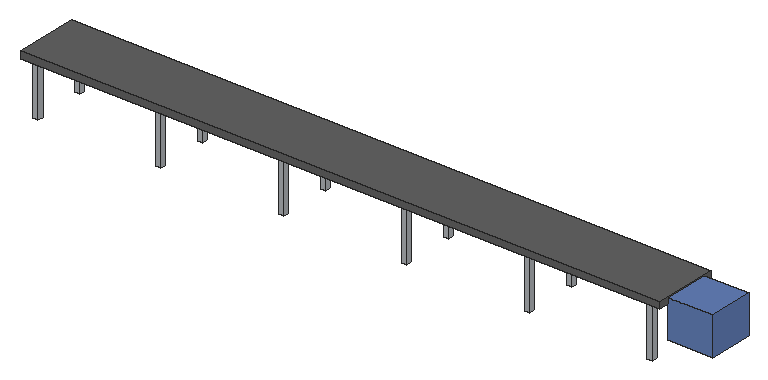
Revit family "LD_Belt Conveyor with Motor", category Mechanical Equipment, Revit 2025
Family settings
  Round Connector Dimension = Use Diameter
  Part Type = Normal
  OmniClass Number = 23.75.00.00
  OmniClass Title = Climate Control (HVAC)
  Work Plane-Based = No
  Always vertical = Yes
  Cut with Voids When Loaded = No
  Maintain Annotation Orientation = No
  Shared = No
  Room Calculation Point = No
Parameters (values of type "15 kW Drive")
  EL Voltage [instance] = 400 V
  EL Number of Poles [instance] = 3
  EL Apparent Load [instance] = 17600 VA
  Default Elevation = 0 mm
Reference planes
  plane 1 "Center (Front/Back)": y = 0
  plane 2: z = 0
  plane 3 "Center (Left/Right)": x = 0
Forms (mm)
  Extrusion 1, solid, material "Machine Steel"
    sketch origin (0, 0, 0) x (1, 0, 0) y (0, 1, 0)
      loop
        line (-4840, -450) -> (-4760, -450) -> (-4760, -370) -> (-4840, -370) -> (-4840, -450)
    from 0 to 800
  Extrusion 2, solid, material "Machine Steel"
    sketch origin (0, 0, 0) x (1, 0, 0) y (0, 1, 0)
      loop
        line (-4840, 370) -> (-4760, 370) -> (-4760, 450) -> (-4840, 450) -> (-4840, 370)
    from 0 to 800
  Extrusion 3, solid, material "Machine Steel"
    sketch origin (0, 0, 0) x (1, 0, 0) y (0, 1, 0)
      loop
        line (-2920, -450) -> (-2840, -450) -> (-2840, -370) -> (-2920, -370) -> (-2920, -450)
    from 0 to 800
  Extrusion 4, solid, material "Machine Steel"
    sketch origin (0, 0, 0) x (1, 0, 0) y (0, 1, 0)
      loop
        line (-2920, 370) -> (-2840, 370) -> (-2840, 450) -> (-2920, 450) -> (-2920, 370)
    from 0 to 800
  Extrusion 5, solid, material "Machine Steel"
    sketch origin (0, 0, 0) x (1, 0, 0) y (0, 1, 0)
      loop
        line (-1000, -450) -> (-920, -450) -> (-920, -370) -> (-1000, -370) -> (-1000, -450)
    from 0 to 800
  Extrusion 6, solid, material "Machine Steel"
    sketch origin (0, 0, 0) x (1, 0, 0) y (0, 1, 0)
      loop
        line (-1000, 370) -> (-920, 370) -> (-920, 450) -> (-1000, 450) -> (-1000, 370)
    from 0 to 800
  Extrusion 7, solid, material "Machine Steel"
    sketch origin (0, 0, 0) x (1, 0, 0) y (0, 1, 0)
      loop
        line (920, -450) -> (1000, -450) -> (1000, -370) -> (920, -370) -> (920, -450)
    from 0 to 800
  Extrusion 8, solid, material "Machine Steel"
    sketch origin (0, 0, 0) x (1, 0, 0) y (0, 1, 0)
      loop
        line (920, 370) -> (1000, 370) -> (1000, 450) -> (920, 450) -> (920, 370)
    from 0 to 800
  Extrusion 9, solid, material "Machine Steel"
    sketch origin (0, 0, 0) x (1, 0, 0) y (0, 1, 0)
      loop
        line (2840, -450) -> (2920, -450) -> (2920, -370) -> (2840, -370) -> (2840, -450)
    from 0 to 800
  Extrusion 10, solid, material "Machine Steel"
    sketch origin (0, 0, 0) x (1, 0, 0) y (0, 1, 0)
      loop
        line (2840, 370) -> (2920, 370) -> (2920, 450) -> (2840, 450) -> (2840, 370)
    from 0 to 800
  Extrusion 11, solid, material "Machine Steel"
    sketch origin (0, 0, 0) x (1, 0, 0) y (0, 1, 0)
      loop
        line (4760, -450) -> (4840, -450) -> (4840, -370) -> (4760, -370) -> (4760, -450)
    from 0 to 800
  Extrusion 12, solid, material "Machine Steel"
    sketch origin (0, 0, 0) x (1, 0, 0) y (0, 1, 0)
      loop
        line (4760, 370) -> (4840, 370) -> (4840, 450) -> (4760, 450) -> (4760, 370)
    from 0 to 800
  Extrusion 13, solid, material "Conveyor Belt Black"
    sketch origin (0, 0, 800) x (1, 0, 0) y (0, 1, 0)
      loop
        line (-5000, -500) -> (5000, -500) -> (5000, 500) -> (-5000, 500) -> (-5000, -500)
    from 0 to 100
  Extrusion 14, solid, material "Motor Blue"
    sketch origin (0, 0, 300) x (1, 0, 0) y (0, 1, 0)
      loop
        line (5000, -350) -> (5700, -350) -> (5700, 350) -> (5000, 350) -> (5000, -350)
    from 0 to 600
Dimensions and locks
  aligned and locked: level to plane 2
Connectors
  electrical at (5350, 0, 900), driven by "EL Voltage", driven by "EL Number of Poles", driven by "EL Apparent Load"
    settings: on Extrusion 14, index 1, voltage 400 V, apparent load 17600 VA, apparent load phase1 0 VA, apparent load phase2 0 VA, apparent load phase3 0 VA, power factor 0.85, load classification "Other", number of poles 3, system type 30, power factor state 1, is connector primary yes, connector utility no, sub classification motor no, connector description ""
